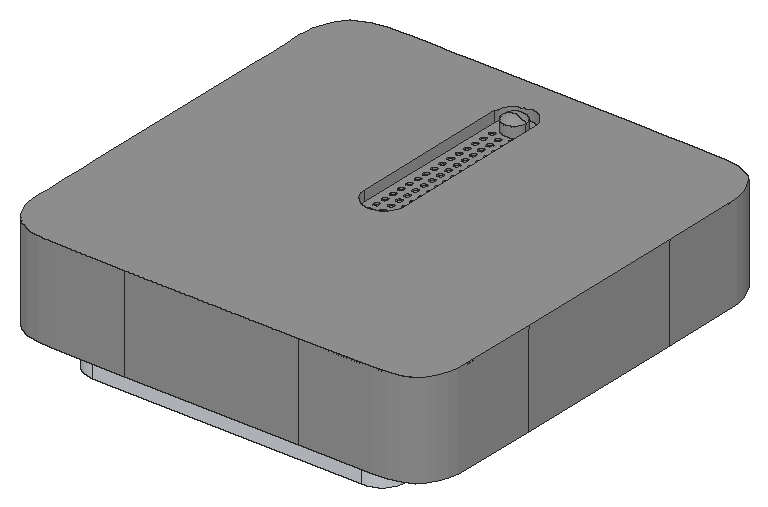
Revit family "AirQualitySensor", category Security Devices, host Face, Revit 2019
Family settings
  Host = Face
  Maintain Annotation Orientation = Yes
  Round Connector Dimension = Use Diameter
  Part Type = Normal
  Cut with Voids When Loaded = No
  Shared = No
  Room Calculation Point = Yes
Parameters (values of type "SV25")
  Width = 169.5 mm
  URL = "https://www.verkada.com/air-quality/sensors/sv25/"
  Type Image = SV21-23-25.png
  Model = "SV25"
  Manufacturer = "VERKADA"  # constant formula
  Length = 170 mm
  Height = 48 mm
  Description = "AIR QUALITY SENSOR"
  Default Elevation = 1219.2 mm
Types (3, lengths in mm): name | URL | Model
  SV21 | "https://www.verkada.com/air-quality/sensors/sv21/" | "SV21"
  SV23 | "https://www.verkada.com/air-quality/sensors/sv23/" | "SV23"
  SV25 | "https://www.verkada.com/air-quality/sensors/sv25/" | "SV25"
Reference planes
  plane 1 "Center (Front/Back)": y = 0
  plane 2: z = 0
  plane 3 "Center (Left/Right)": x = 0
  plane 4: x = 84.75
  plane 5: y = 85
  plane 6: y = -85
  plane 7: x = -84.75
  plane 8: z = 48
Forms (mm)
  Extrusion 1, solid, material "Verkada White"
    sketch origin (0, 0, 0) x (1, 0, 0) y (0, 1, 0)
      loop
        spline (-84.75, -34.565) -> (-84.501, -50.079) -> (-84.64, -60.19) -> (-84.518, -67.017) -> (-83.526, -72.526) -> (-81.475, -77.237) -> (-78.406, -80.862) -> (-74.37, -83.165) -> (-69.459, -84.357) -> (-63.78, -84.847) -> (-57.177, -85.009) -> (-48.05, -85.021) -> (-34.315, -85)
        line (-34.315, -85) -> (34.315, -85)
        spline (34.315, -85) -> (48.05, -85.021) -> (57.177, -85.009) -> (63.78, -84.847) -> (69.459, -84.357) -> (74.37, -83.165) -> (78.406, -80.862) -> (81.475, -77.237) -> (83.526, -72.526) -> (84.518, -67.017) -> (84.64, -60.19) -> (84.501, -50.079) -> (84.75, -34.565)
        line (84.75, -34.565) -> (84.75, 34.565)
        spline (84.75, 34.565) -> (84.501, 50.079) -> (84.64, 60.19) -> (84.518, 67.017) -> (83.526, 72.526) -> (81.475, 77.237) -> (78.406, 80.862) -> (74.37, 83.165) -> (69.459, 84.357) -> (63.78, 84.847) -> (57.177, 85.009) -> (48.05, 85.021) -> (34.315, 85)
        line (34.315, 85) -> (-34.315, 85)
        spline (-34.315, 85) -> (-48.05, 85.021) -> (-57.177, 85.009) -> (-63.78, 84.847) -> (-69.459, 84.357) -> (-74.37, 83.165) -> (-78.406, 80.862) -> (-81.475, 77.237) -> (-83.526, 72.526) -> (-84.518, 67.017) -> (-84.64, 60.19) -> (-84.501, 50.079) -> (-84.75, 34.565)
        line (-84.75, 34.565) -> (-84.75, -34.565)
    from 10.55 to 48
  Extrusion 2, void
    sketch origin (0, -5.683, 0) x (1, 0, 0) y (0, 1, 0)
      loop
        circle (0.016, 61.683) r 1.09
      loop
        circle (4.016, 63.683) r 1.09
      loop
        circle (-3.984, 63.683) r 1.09
    from 43.757 to 50.698
  Extrusion 3, void
    sketch origin (0, -66.473, 0) x (1, 0, 0) y (0, 1, 0)
      loop
        circle (0.016, 61.683) r 1.09
      loop
        circle (4.016, 63.683) r 1.09
      loop
        circle (-3.984, 63.683) r 1.09
    from 43.757 to 50.698
  Extrusion 4, void
    sketch origin (0, -9.736, 0) x (1, 0, 0) y (0, 1, 0)
      loop
        circle (0.016, 61.683) r 1.09
      loop
        circle (4.016, 63.683) r 1.09
      loop
        circle (-3.984, 63.683) r 1.09
    from 43.757 to 50.698
  Extrusion 5, void
    sketch origin (0, -13.788, 0) x (1, 0, 0) y (0, 1, 0)
      loop
        circle (0.016, 61.683) r 1.09
      loop
        circle (4.016, 63.683) r 1.09
      loop
        circle (-3.984, 63.683) r 1.09
    from 43.757 to 50.698
  Extrusion 6, void
    sketch origin (0, -17.841, 0) x (1, 0, 0) y (0, 1, 0)
      loop
        circle (0.016, 61.683) r 1.09
      loop
        circle (4.016, 63.683) r 1.09
      loop
        circle (-3.984, 63.683) r 1.09
    from 43.757 to 50.698
  Extrusion 7, void
    sketch origin (0, -21.894, 0) x (1, 0, 0) y (0, 1, 0)
      loop
        circle (0.016, 61.683) r 1.09
      loop
        circle (4.016, 63.683) r 1.09
      loop
        circle (-3.984, 63.683) r 1.09
    from 43.757 to 50.698
  Extrusion 8, void
    sketch origin (0, -25.947, 0) x (1, 0, 0) y (0, 1, 0)
      loop
        circle (0.016, 61.683) r 1.09
      loop
        circle (4.016, 63.683) r 1.09
      loop
        circle (-3.984, 63.683) r 1.09
    from 43.757 to 50.698
  Extrusion 9, void
    sketch origin (0, -29.999, 0) x (1, 0, 0) y (0, 1, 0)
      loop
        circle (0.016, 61.683) r 1.09
      loop
        circle (4.016, 63.683) r 1.09
      loop
        circle (-3.984, 63.683) r 1.09
    from 43.757 to 50.698
  Extrusion 10, void
    sketch origin (0, -34.052, 0) x (1, 0, 0) y (0, 1, 0)
      loop
        circle (0.016, 61.683) r 1.09
      loop
        circle (4.016, 63.683) r 1.09
      loop
        circle (-3.984, 63.683) r 1.09
    from 43.757 to 50.698
  Extrusion 11, void
    sketch origin (0, -38.105, 0) x (1, 0, 0) y (0, 1, 0)
      loop
        circle (0.016, 61.683) r 1.09
      loop
        circle (4.016, 63.683) r 1.09
      loop
        circle (-3.984, 63.683) r 1.09
    from 43.757 to 50.698
  Extrusion 12, void
    sketch origin (0, -42.157, 0) x (1, 0, 0) y (0, 1, 0)
      loop
        circle (0.016, 61.683) r 1.09
      loop
        circle (4.016, 63.683) r 1.09
      loop
        circle (-3.984, 63.683) r 1.09
    from 43.757 to 50.698
  Extrusion 13, void
    sketch origin (0, -46.21, 0) x (1, 0, 0) y (0, 1, 0)
      loop
        circle (0.016, 61.683) r 1.09
      loop
        circle (4.016, 63.683) r 1.09
      loop
        circle (-3.984, 63.683) r 1.09
    from 43.757 to 50.698
  Extrusion 14, void
    sketch origin (0, -50.263, 0) x (1, 0, 0) y (0, 1, 0)
      loop
        circle (0.016, 61.683) r 1.09
      loop
        circle (4.016, 63.683) r 1.09
      loop
        circle (-3.984, 63.683) r 1.09
    from 43.757 to 50.698
  Extrusion 15, void
    sketch origin (0, -54.315, 0) x (1, 0, 0) y (0, 1, 0)
      loop
        circle (0.016, 61.683) r 1.09
      loop
        circle (4.016, 63.683) r 1.09
      loop
        circle (-3.984, 63.683) r 1.09
    from 43.757 to 50.698
  Extrusion 16, void
    sketch origin (0, -58.368, 0) x (1, 0, 0) y (0, 1, 0)
      loop
        circle (0.016, 61.683) r 1.09
      loop
        circle (4.016, 63.683) r 1.09
      loop
        circle (-3.984, 63.683) r 1.09
    from 43.757 to 50.698
  Extrusion 17, void
    sketch origin (0, -62.421, 0) x (1, 0, 0) y (0, 1, 0)
      loop
        circle (0.016, 61.683) r 1.09
      loop
        circle (4.016, 63.683) r 1.09
      loop
        circle (-3.984, 63.683) r 1.09
    from 43.757 to 50.698
  Revolve 18, solid, material "Verkada White"
    sketch origin (0, 63.996, 0) x (1, 0, 0) y (0, 0, 1)
      loop
        line (0, 48) -> (4.504, 48)
        arc (4.504, 48) -> (2.472, 49.504) -> (0, 50.036) r 6
        line (0, 50.036) -> (0, 48)
      axis (0, 50.036) -> (0, 48)
    angle from 0 to 360
  Blend 19, solid
    base sketch origin (0, 318.224, 0) x (1, 0, 0) y (0, 1, 0)
      loop
        arc (62.999, -250.724) -> (60.075, -243.665) -> (53.016, -240.74) r 9.984
        line (53.016, -240.74) -> (-52.984, -240.74)
        arc (-52.984, -240.74) -> (-60.044, -243.665) -> (-62.968, -250.724) r 9.984
        line (-62.968, -250.724) -> (-62.968, -385.724)
        arc (-62.968, -385.724) -> (-60.044, -392.784) -> (-52.984, -395.708) r 9.984
        line (-52.984, -395.708) -> (53.016, -395.708)
        arc (53.016, -395.708) -> (60.075, -392.784) -> (62.999, -385.724) r 9.984
        line (62.999, -385.724) -> (62.999, -250.724)
    top sketch origin (0, 318.224, 0) x (1, 0, 0) y (0, 1, 0)
      loop
        line (-62.418, -250.724) -> (-62.418, -385.724)
        arc (-62.418, -385.724) -> (-59.655, -392.395) -> (-52.984, -395.158) r 9.434
        line (-52.984, -395.158) -> (53.016, -395.158)
        arc (53.016, -395.158) -> (59.686, -392.395) -> (62.449, -385.724) r 9.434
        line (62.449, -385.724) -> (62.449, -250.724)
        arc (62.449, -250.724) -> (59.686, -244.054) -> (53.016, -241.29) r 9.434
        line (53.016, -241.29) -> (-52.984, -241.29)
        arc (-52.984, -241.29) -> (-59.655, -244.054) -> (-62.418, -250.724) r 9.434
    from 0 to 10.55
  Extrusion 20, solid, material "Verkada Black"
    sketch origin (0, -150, -66.011) x (1, 0, 0) y (0, 1, 0)
      loop
        line (-0.821, 102.649) -> (-5.53, 107.669)
        arc (-5.53, 107.669) -> (-5.912, 107.834) -> (-6.294, 107.668) r 0.523
        line (-6.294, 107.668) -> (-9.378, 104.36)
        arc (-9.378, 104.36) -> (-9.518, 104.006) -> (-9.377, 103.651) r 0.519
        line (-9.377, 103.651) -> (-4.621, 98.575) -> (-0.821, 102.649)
      loop
        line (5.531, 107.669) -> (-3.801, 97.72) -> (-0.379, 94.05)
        arc (-0.379, 94.05) -> (0, 93.885) -> (0.38, 94.049) r 0.519
        line (0.38, 94.049) -> (9.378, 103.651)
        arc (9.378, 103.651) -> (9.518, 104.006) -> (9.378, 104.36) r 0.519
        line (9.378, 104.36) -> (6.294, 107.668)
        arc (6.294, 107.668) -> (5.913, 107.834) -> (5.531, 107.669) r 0.523
    from 111.147 to 111.994
  Extrusion 21, void
    sketch origin (0, 0, -2.018) x (1, 0, 0) y (0, 1, 0)
      loop
        arc (-7.984, 0) -> (0.016, -8) -> (8.016, 0) r 8
        line (8.016, 0) -> (8.016, 63.992)
        arc (8.016, 63.992) -> (0.016, 71.992) -> (-7.984, 63.992) r 8
        line (-7.984, 63.992) -> (-7.984, 0)
      loop
        circle (0.016, 64) r 4.5
    from 46.018 to 50.698
Cuts and joins
  Extrusion 2, Extrusion 3, Extrusion 4, Extrusion 5, Extrusion 6, Extrusion 7, Extrusion 8, Extrusion 9, Extrusion 10, Extrusion 11, Extrusion 12, Extrusion 13, Extrusion 14, Extrusion 15, Extrusion 16, Extrusion 17, Extrusion 21 cuts Extrusion 1
Dimensions and locks
  equal spacing: plane 7, plane 3 "Center (Left/Right)", plane 4
  "Width": plane 7 to plane 4
  "Height": plane 8 to level
  equal spacing: plane 6, plane 1 "Center (Front/Back)", plane 5
  "Length": plane 6 to plane 5
  plane 8 to host face = 48 mm
  equal spacing: group 1, group 3, group 4, group 5, group 6, group 7, group 8, group 9, group 10, group 11, group 12, group 13, group 14, group 15, group 16, group 2  (x2)
  equal spacing: group 2, group 16, group 15, group 14, group 13, group 12, group 11, group 10, group 9, group 8, group 7, group 6, group 5, group 4, group 3, group 1
  aligned and locked: plane 2 to host face
  aligned and locked: level to host face
  aligned and locked: Extrusion 1 to plane 8
Automatic sketch dimensions
  Extrusion 2 sketch curve to Extrusion 2 sketch curve = 4 mm  (x2)
  Extrusion 2 sketch curve to Extrusion 2 sketch curve = 2 mm  (x2)
  Extrusion 3 sketch curve to Extrusion 3 sketch curve = 4 mm  (x2)
  Extrusion 3 sketch curve to Extrusion 3 sketch curve = 2 mm  (x2)
  Extrusion 4 sketch curve to Extrusion 4 sketch curve = 4 mm  (x2)
  Extrusion 4 sketch curve to Extrusion 4 sketch curve = 2 mm  (x2)
  Extrusion 5 sketch curve to Extrusion 5 sketch curve = 4 mm  (x2)
  Extrusion 5 sketch curve to Extrusion 5 sketch curve = 2 mm  (x2)
  Extrusion 6 sketch curve to Extrusion 6 sketch curve = 4 mm  (x2)
  Extrusion 6 sketch curve to Extrusion 6 sketch curve = 2 mm  (x2)
  Extrusion 7 sketch curve to Extrusion 7 sketch curve = 4 mm  (x2)
  Extrusion 7 sketch curve to Extrusion 7 sketch curve = 2 mm  (x2)
  Extrusion 8 sketch curve to Extrusion 8 sketch curve = 4 mm  (x2)
  Extrusion 8 sketch curve to Extrusion 8 sketch curve = 2 mm  (x2)
  Extrusion 9 sketch curve to Extrusion 9 sketch curve = 4 mm  (x2)
  Extrusion 9 sketch curve to Extrusion 9 sketch curve = 2 mm  (x2)
  Extrusion 10 sketch curve to Extrusion 10 sketch curve = 4 mm  (x2)
  Extrusion 10 sketch curve to Extrusion 10 sketch curve = 2 mm  (x2)
  Extrusion 11 sketch curve to Extrusion 11 sketch curve = 4 mm  (x2)
  Extrusion 11 sketch curve to Extrusion 11 sketch curve = 2 mm  (x2)
  Extrusion 12 sketch curve to Extrusion 12 sketch curve = 4 mm  (x2)
  Extrusion 12 sketch curve to Extrusion 12 sketch curve = 2 mm  (x2)
  Extrusion 13 sketch curve to Extrusion 13 sketch curve = 4 mm  (x2)
  Extrusion 13 sketch curve to Extrusion 13 sketch curve = 2 mm  (x2)
  Extrusion 14 sketch curve to Extrusion 14 sketch curve = 4 mm  (x2)
  Extrusion 14 sketch curve to Extrusion 14 sketch curve = 2 mm  (x2)
  Extrusion 15 sketch curve to Extrusion 15 sketch curve = 4 mm  (x2)
  Extrusion 15 sketch curve to Extrusion 15 sketch curve = 2 mm  (x2)
  Extrusion 16 sketch curve to Extrusion 16 sketch curve = 4 mm  (x2)
  Extrusion 16 sketch curve to Extrusion 16 sketch curve = 2 mm  (x2)
  Extrusion 17 sketch curve to Extrusion 17 sketch curve = 4 mm  (x2)
  Extrusion 17 sketch curve to Extrusion 17 sketch curve = 2 mm  (x2)
  host sketch curve to host sketch curve = 2438.4 mm  (x2)
  Extrusion 1 sketch curve to plane 7 = 0 mm
  plane 6 to Extrusion 1 sketch curve = 0 mm
  plane 5 to Extrusion 1 sketch curve = 0 mm
  Extrusion 1 sketch curve to plane 4 = 0 mm
  Extrusion 1 sketch curve to plane 3 "Center (Left/Right)" = 34.315 mm  (x2)
  plane 3 "Center (Left/Right)" to Extrusion 1 sketch curve = 34.315 mm  (x2)
  plane 1 "Center (Front/Back)" to Extrusion 1 sketch curve = 34.565 mm  (x2)
  Extrusion 1 sketch curve to plane 1 "Center (Front/Back)" = 34.565 mm  (x2)
  Revolve 18 sketch curve to plane 3 "Center (Left/Right)" = 0 mm  (x2)
  Revolve 18 sketch curve to plane 8 = 0 mm
  plane 3 "Center (Left/Right)" to Revolve 18 sketch curve = 0 mm
  Revolve 18 sketch curve to Revolve 18 sketch curve = 4.504 mm
  plane 8 to Revolve 18 sketch curve = 3.964 mm
  Revolve 18 sketch curve to level = 609.6 mm
  Revolve 18 sketch curve to Revolve 18 sketch curve = 2559.022 mm
  plane 7 to Blend 19 sketch curve = 21.782 mm
  Blend 19 sketch curve to Blend 19 sketch curve = 9.984 mm  (x3)
  Blend 19 sketch curve to plane 6 = 7.516 mm
  Blend 19 sketch curve to plane 6 = 17.5 mm  (x2)
  Blend 19 sketch curve to plane 4 = 31.734 mm  (x3)
  plane 5 to Blend 19 sketch curve = 17.5 mm  (x2)
  plane 7 to Blend 19 sketch curve = 22.332 mm
  plane 5 to Blend 19 sketch curve = 8.066 mm
  Blend 19 sketch curve to Blend 19 sketch curve = 9.434 mm  (x2)
  Extrusion 20 sketch curve to plane 3 "Center (Left/Right)" = 9.378 mm
  Extrusion 20 sketch curve to Extrusion 20 sketch curve = 0.001 mm  (x2)
  Extrusion 20 sketch curve to Extrusion 20 sketch curve = 0.38 mm  (x2)
  Extrusion 20 sketch curve to Extrusion 20 sketch curve = 3.084 mm
  Extrusion 20 sketch curve to Extrusion 20 sketch curve = 0.382 mm  (x2)
  Extrusion 20 sketch curve to Extrusion 20 sketch curve = 0.381 mm  (x2)
  Extrusion 20 sketch curve to plane 3 "Center (Left/Right)" = 4.621 mm
  Extrusion 20 sketch curve to Extrusion 20 sketch curve = 0.819 mm
  Extrusion 20 sketch curve to plane 3 "Center (Left/Right)" = 0.821 mm
  Extrusion 20 sketch curve to plane 3 "Center (Left/Right)" = 0.379 mm
  plane 3 "Center (Left/Right)" to Extrusion 20 sketch curve = 0.001 mm
  plane 3 "Center (Left/Right)" to Extrusion 20 sketch curve = 0.38 mm
  plane 3 "Center (Left/Right)" to Extrusion 20 sketch curve = 5.531 mm
  Extrusion 20 sketch curve to Extrusion 20 sketch curve = 3.087 mm
  Extrusion 20 sketch curve to Extrusion 20 sketch curve = 0.379 mm
  Extrusion 20 sketch curve to plane 6 = 29.049 mm
  Extrusion 20 sketch curve to Extrusion 20 sketch curve = 3.67 mm
  Extrusion 20 sketch curve to Extrusion 20 sketch curve = 0.855 mm
  Extrusion 20 sketch curve to Extrusion 20 sketch curve = 4.074 mm
  Extrusion 20 sketch curve to Extrusion 20 sketch curve = 5.076 mm
  Extrusion 20 sketch curve to Extrusion 20 sketch curve = 1.002 mm
  Extrusion 20 sketch curve to Extrusion 20 sketch curve = 0.355 mm  (x2)
  Extrusion 20 sketch curve to Extrusion 20 sketch curve = 3.305 mm  (x2)
  Extrusion 20 sketch curve to Extrusion 20 sketch curve = 0.356 mm  (x2)
  plane 1 "Center (Front/Back)" to Extrusion 21 sketch curve = 0 mm
  Extrusion 21 sketch curve to plane 3 "Center (Left/Right)" = 7.984 mm
  plane 3 "Center (Left/Right)" to Extrusion 21 sketch curve = 0.016 mm
  Extrusion 21 sketch curve to Extrusion 21 sketch curve = 0 mm
  plane 5 to Extrusion 21 sketch curve = 21.008 mm
  Extrusion 21 sketch curve to Extrusion 21 sketch curve = 0.008 mm
  radius of Extrusion 2 sketch curve = 1.09 mm  (x3)
  radius of Extrusion 3 sketch curve = 1.09 mm  (x3)
  radius of Extrusion 4 sketch curve = 1.09 mm  (x3)
  radius of Extrusion 5 sketch curve = 1.09 mm  (x3)
  radius of Extrusion 6 sketch curve = 1.09 mm  (x3)
  radius of Extrusion 7 sketch curve = 1.09 mm  (x3)
  radius of Extrusion 8 sketch curve = 1.09 mm  (x3)
  radius of Extrusion 9 sketch curve = 1.09 mm  (x3)
  radius of Extrusion 10 sketch curve = 1.09 mm  (x3)
  radius of Extrusion 11 sketch curve = 1.09 mm  (x3)
  radius of Extrusion 12 sketch curve = 1.09 mm  (x3)
  radius of Extrusion 13 sketch curve = 1.09 mm  (x3)
  radius of Extrusion 14 sketch curve = 1.09 mm  (x3)
  radius of Extrusion 15 sketch curve = 1.09 mm  (x3)
  radius of Extrusion 16 sketch curve = 1.09 mm  (x3)
  radius of Extrusion 17 sketch curve = 1.09 mm  (x3)
  radius of Extrusion 21 sketch curve = 4.5 mm
Nested families
  nested 1: "PlanSymbol_EnvironmentalSensor" at (0, 0, 0), type "Standard"
Connectors
  electrical at (0, 0, 0)
    settings: index 2, voltage 0 V, apparent load 0 VA, apparent load phase1 0 VA, apparent load phase2 0 VA, apparent load phase3 0 VA, power factor 1, load classification "Other", number of poles 1, system type 10, power factor state 1, is connector primary yes, connector utility no, sub classification motor no, connector description ""
Definition of nested family "PlanSymbol_EnvironmentalSensor"
  Reference planes
    plane 1: y = 0
    plane 2: x = 0
  Lines and regions (mm)
    detail lines
      curve 1: circle (0, 0, 0) r 2.271 normal (0, 0, 1)
  Text (mm)
    text "S" at (-0.91, 1.956, 0)
